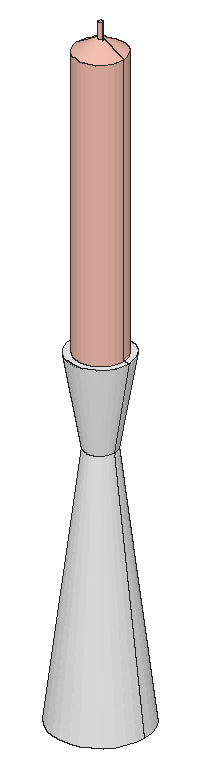
Revit family
Parameters
  Material Candle Holder = Metal - Chrome Polished
  Material Candle = Wax - Candle
Reference planes
  plane 1 "Center (Front/Back)": y = 0
  plane 2: z = 0
  plane 3 "Center (Left/Right)": x = 0
Forms (mm)
  Revolve 1, solid, material "Metal - Chrome Polished" <- "Material Candle Holder"
    sketch origin (0, 0, 0) x (1, 0, 0) y (0, 0, 1)
      loop
        line (0, 0) -> (0, 108.014) -> (-8, 108.014) -> (-8, 114.544) -> (-10.276, 114.544) -> (-5.066, 85) -> (-15.5, 0) -> (0, 0)
      axis (0, 0) -> (0, 114.544)
    angle from 0 to 360
  Revolve 2, solid, material "Wax - Candle" <- "Material Candle"
    sketch origin (0, 0, 0) x (1, 0, 0) y (0, 0, 1)
      loop
        line (0, 108.014) -> (0, 212.633) -> (-8, 208.014) -> (-8, 108.014) -> (0, 108.014)
      axis (0, 108.014) -> (0, 212.633)
    angle from 0 to 360
  Extrusion 3, solid, material "Wax - Candle" <- "Material Candle"
    sketch origin (0, 0, 0) x (1, 0, 0) y (0, 1, 0)
      loop
        circle (0, 0) r 0.75
    from 208.014 to 217.166
Dimensions and locks
  aligned and locked: Extrusion 3 to Revolve 2
